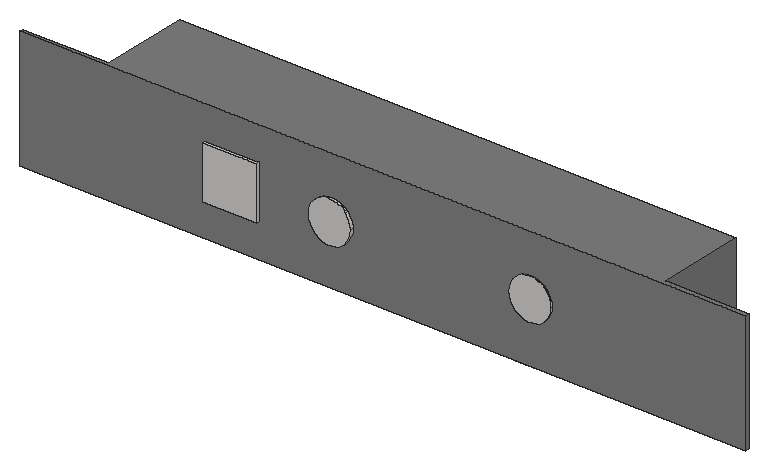
Revit family "2400F", category Generic Models, Revit 2021
Family settings
  Can host rebar = No
  Round Connector Dimension = Use Diameter
  Part Type = Normal
  Work Plane-Based = No
  Always vertical = Yes
  Cut with Voids When Loaded = No
  Shared = No
  Room Calculation Point = No
Parameters (values of type "Standard")
  e-mail = "info@vola.com"
  URL = "http://vola.com"
  Telephone = "+45 7023 5500"
  Quality management standard = "ISO 9001"
  Organisation no. / DUNS no. = "17531328"
  Occupational health and safety management standard = "ISO 18001"
  Mounting Instructions = "http://vola.com/service/producturl.ashx?name=2400F"
  Model = "2400F"
  Materials and components information = "http://vola.com/service/producturl.ashx?name=2400F"
  Manufacturer = "VOLA A/S"
  Maintenance Instructions = "http://vola.com/service/producturl.ashx?name=2400F"
  Guarantee = "2 years"
  Flow = "22,00 l/min"
  Environmental management standard = "ISO 14000"
  Default Elevation = 0.00 mm
  Connection - All relevant connections = ""
  Approvals = "http://vola.com/service/producturl.ashx?name=2400F"
Reference planes
  plane 1 "Center (Front/Back)": y = 0
  plane 2: z = 0
  plane 3 "Center (Left/Right)": x = 0
  plane 4: y = -73.5
  plane 5: y = -26
  plane 6: z = 69.25
Forms (mm)
  Extrusion 1, solid, material "Stainless Steel"
    sketch origin (0, -1, 0.25) x (1, 0, 0) y (0, 0, 1)
      loop
        circle (39, 69) r 16.5
    from 70.5 to 72.5
  Extrusion 2, solid, material "Stainless Steel"
    sketch origin (1032.5, -3.5, 0.25) x (-1, 0, 0) y (0, 0, -1)
      loop
        line (1092.5, -90) -> (1092.5, -48) -> (1050.5, -48) -> (1050.5, -90) -> (1092.5, -90)
    from 68 to 70
  Extrusion 3, solid, material "Default"
    sketch origin (0, -1, 0.25) x (1, 0, 0) y (0, 1, 0)
      loop
        line (-137.5, 1) -> (-137.5, -68) -> (298.5, -68) -> (298.5, 1) -> (-137.5, 1)
    from 21.5 to 116.5
  Extrusion 4, solid, material "Stainless Steel"
    sketch origin (0, -1, 21.75) x (0, 1, 0) y (1, 0, 0)
      loop
        circle (-25, -12) r 14
    from 0 to 21.75
  Extrusion 5, solid, material "Stainless Steel"
    sketch origin (-54, -1, 21.75) x (0, 1, 0) y (1, 0, 0)
      loop
        circle (-25, -12) r 14
    from 0 to 21.75
  Sweep 6, solid, material "Stainless Steel"
    path origin (0.024, -37.639, 0.25) x (-0.999391, 0.034899, 0) y (0, 0, 1)
      loop
        line (-39, 69) -> (-39, 32.81)
        arc (-39, 32.81) -> (-45.59, 16.9) -> (-61.5, 10.31) r 22.5
        line (-61.5, 10.31) -> (-172.5, 10.31)
        arc (-172.5, 10.31) -> (-188.41, 16.9) -> (-195, 32.81) r 22.5
        line (-195, 32.81) -> (-195, 69)
    profile origin (39, -39, 51.155) x (0.034899, 0.999391, 0) y (-0.999391, 0.034899, 0)
      loop
        circle (0, 0) r 7.5
  Extrusion 7, solid, material "Stainless Steel"
    sketch origin (156, -1, 0.25) x (1, 0, 0) y (0, 0, 1)
      loop
        circle (39, 69) r 16.5
    from 70.5 to 71
  Extrusion 8, solid, material "Default"
    sketch origin (0, 0, 0.25) x (1, 0, 0) y (0, 1, 0)
      loop
        line (-205, -69) -> (-205, -71.5) -> (363.5, -71.5) -> (363.5, -69) -> (-205, -69)
    from 21.5 to 116.5
  Extrusion 9, void
    sketch origin (0, -1, 21.75) x (1, 0, 0) y (0, 1, 0)
      loop
        line (24.859, -59.706) -> (209.859, -59.706) -> (209.859, -19.706) -> (24.859, -19.706) -> (24.859, -59.706)
    from 0 to 20
Cuts and joins
  Extrusion 9 cuts Extrusion 8
  joined: Extrusion 3, Extrusion 8
  Extrusion 9 cuts Sweep 6
Lines and regions (mm)
  reference lines
    curve 1: line (-39, -26, 69.25) -> (-39, -123.5, 69.25)
    curve 2: line (39, -26, 69.25) -> (39, -123.5, 69.25)
    curve 3: line (-66, -26, 69.25) -> (-66, -26, -29.75)
    curve 4: line (-12, -26, 69.25) -> (-12, -26, -29.75)
    curve 5: line (195, -26, 69.25) -> (195, -123.5, 69.25)
    curve 6: line (39, -39, 69.25) -> (39, -39, 168.25)
Dimensions and locks
  aligned and locked: plane 2 to level
  aligned and locked: Extrusion 3 to Extrusion 8
  aligned and locked: Extrusion 8 to Extrusion 3
